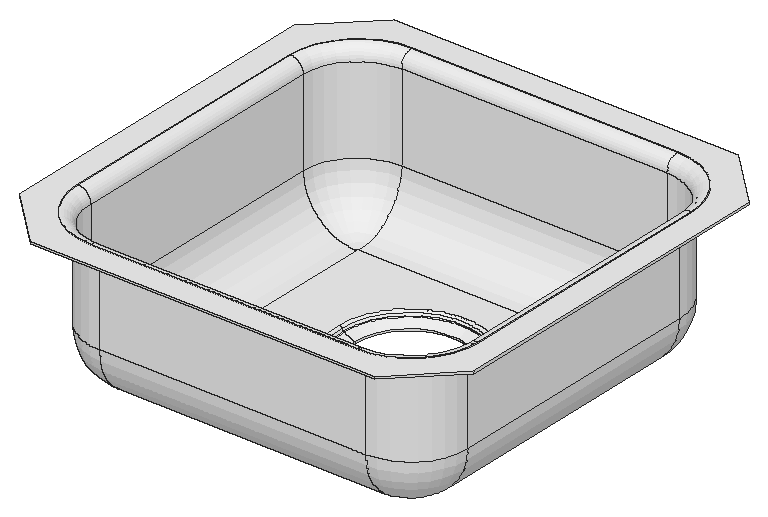
Revit family "ELUHAD121250", category Plumbing Fixtures, Revit 2019
Family settings
  Round Connector Dimension = Use Radius
  Part Type = Normal
  OmniClass Number = 23.45.05.14.14.27
  OmniClass Title = Service Sinks
  Work Plane-Based = No
  Always vertical = Yes
  Cut with Voids When Loaded = No
  Shared = No
  Room Calculation Point = No
Parameters (values of type "ELUHAD121250")
  URL = "www.elkayusa.com"
  Template Included = "Yes"
  Specification Sheet URL = ""
  Sound Deadening = "Bottom only pads"
  Sink Width = 1' - 2 1/2"
  Sink Material = Metal - Steel - Stainless - Chrome
  Sink Length = 1' - 2 1/2"
  Sink Ledge Sides Width = Sink Ledge Corner Width  # 0' - 1 1/4"
  Sink Ledge Front Width = Sink Ledge Corner Width  # 0' - 1 1/4"
  Sink Ledge Corner Width = 0' - 1 1/4"  # constant formula
  Sink Ledge Back Width = Sink Ledge Corner Width  # 0' - 1 1/4"
  Sink Dimensions = "14-1/2 inch x 14-1/2 inch x 4-7/8 inch"
  Sink Depth = 0' - 4 7/8"
  Sanitary Flow Rate = 10 GPM
  OmniClass Title = "Service Sinks"
  OmniClass Code = "23.45.05.14.14.27"
  Number of Bowls = "1"
  Nominal Radius = Nominal Dia / 2  # 0' - 0 3/4"
  Nominal Dia = 0' - 1 1/2"
  Mounting Hardware = "Undermount brackets sold separately"
  Model Number = ""
  Model = "Lustertone Undermount"
  Minimum Cabinet Size = "18 inch"
  Material = "304 Stainless Steel"
  MasterFormat Title = "Commercial Sinks"
  MasterFormat Number = "22.42.16.16"
  Manufacturer = "Elkay Manufacturing"
  Installation Type = "Undermount"
  Gauge = "18"
  Finish = "Lustrous Satin"
  Drain Size = "3-1/2 inch (89mm)"
  Drain Locations = "Rear Center"
  Drain Location = 0' - 5"
  Description = "Lustertone Single Bowl Sink"
  Deep Specification Sheet URL = ""
  Date Created = "10082021"  # constant formula
  Cutout Template # = "1000001423"
  CL Sink to CL Drain = 0' - 0"
  Bowl Width = (Sink Width - Sink Ledge Front Width - Sink Ledge Back Width)  # 1' - 0"
  Bowl Length = Sink Length - Sink Ledge Sides Width - Sink Ledge Sides Width  # 1' - 0"
  Bowl 1 Dimensions = "12 inch x 12 inch x 4-7/8 inch"
  Assembly Code = "D2010410"
Reference planes (in)
  plane 1 "CL Sink Hole": y = 1
  plane 2 "Top": z = 0
  plane 3 "Center (Left/Right)": x = 0
  plane 4 "Basin Edge Left": x = -6
  plane 5 "Basin Edge Right": x = 6
  plane 6 "Basin Edge Back": y = 6
  plane 7 "Basin Edge Front": y = -6
  plane 8 "Left": x = -7.25
  plane 9 "Right": x = 7.25
  plane 10 "Back": y = 7.25
  plane 11 "Front": y = -7.25
  plane 12 "Sink Angle Right": x = 4.78553
  plane 13 "Sink Angle Back": y = 4.78553
  plane 14 "Sink Angle Left": x = -4.78553
  plane 15 "Sink Angle Front": y = -4.78553
  plane 16 "Edge Radii Right": x = 6.42188
  plane 17 "Edge of Radii Left": x = -6.42187
  plane 18 "Sink Bowl Bottom (Top Face)": z = -4.875
  plane 19 "Sink Top Piece Bottom Face": z = -0.0625
  plane 20 "Top Radius Corner Prot": z = -0.42188
  plane 21: z = -3.1875
  plane 22 "Sink Bowl Bottom (Bottom Face)": z = -4.9375
  plane 23 "Left Sink Bottom Piece Left Edge": x = -4.3125
  plane 24 "Sink Bottom Piece Right Edge": x = 4.3125
  plane 25 "Sink Bottom Piece Back Edge": y = 4.3125
  plane 26 "Sink Bottom Piece Front Edge": y = -4.3125
  plane 27 "Center (Front/Back)": y = 0
  plane 28 "Bowl CL Drain": x = 0
  plane 29 "Edge Radii Front": y = -6.42188
  plane 30 "Right Sink Right Edge Radius": x = 4.25
  plane 31 "Front Edge Bottom Edge Radius": y = -4.25
  plane 32 "Back Edge Bottom Edge Radius": y = 4.25
  plane 33 "Edge Radii Back": y = 6.42187
  plane 34 "Left Bowl Bottom Edge Radius": x = -4.25
  plane 35 "Masking Region": z = 1.25157
  plane 36 "Sink Drain Elev Bottom": z = -6.375
  plane 37 "Sink Drain Elev Top": z = -6.125
  plane 38 "Top Radius Elev - 1-8": z = -0.10938
  plane 39 "Top Radius 1-8 Front": y = -6.10938
  plane 40 "Top Radius 1-8 Left": x = -6.10937
  plane 41 "Top Radius 1-8 Right": x = 6.10938
  plane 42 "Top Radius 1-8 Back": y = 6.10937
  plane 43 "Inside Radius Tangent Right": x = 4.97487
  plane 44 "Inside Radius Tangent Back": y = 4.97487
  plane 45 "Inside Radius Tangent Front": y = -4.97487
  plane 46 "Inside Radius Tangent Left": x = -4.97487
Forms (in)
  Extrusion 1, solid, material "Metal - Steel - Stainless - Chrome" <- "Sink Material"
    sketch origin (0, 0, 0) x (1, 0, 0) y (0, 1, 0)
      loop
        line (7.25, 5.49264) -> (5.49264, 7.25) -> (-5.49264, 7.25) -> (-7.25, 5.49264) -> (-7.25, -5.49264) -> (-5.49264, -7.25) -> (5.49264, -7.25) -> (7.25, -5.49264) -> (7.25, 5.49264)
      loop
        arc (-4.25, 6.42187) -> (-5.78575, 5.78575) -> (-6.42187, 4.25) r 2.17187
        line (-6.42187, 4.25) -> (-6.42188, -4.25)
        arc (-6.42188, -4.25) -> (-5.78575, -5.78575) -> (-4.25, -6.42188) r 2.17188
        line (-4.25, -6.42188) -> (4.25, -6.42188)
        arc (4.25, -6.42188) -> (5.78575, -5.78575) -> (6.42188, -4.25) r 2.17188
        line (6.42188, -4.25) -> (6.42188, 4.25)
        arc (6.42188, 4.25) -> (5.78575, 5.78575) -> (4.25, 6.42187) r 2.17188
        line (4.25, 6.42187) -> (-4.25, 6.42187)
    from -0.0625 to 0
  Extrusion 2, solid, material "Metal - Steel - Stainless - Chrome" <- "Sink Material"
    sketch origin (0, 0, 0) x (1, 0, 0) y (0, 1, 0)
      loop
        arc (-4.25, 4.3125) -> (-4.29419, 4.29419) -> (-4.3125, 4.25) r 0.0625
        line (-4.3125, 4.25) -> (-4.3125, -4.25)
        arc (-4.3125, -4.25) -> (-4.29419, -4.29419) -> (-4.25, -4.3125) r 0.0625
        line (-4.25, -4.3125) -> (4.25, -4.3125)
        arc (4.25, -4.3125) -> (4.29419, -4.29419) -> (4.3125, -4.25) r 0.0625
        line (4.3125, -4.25) -> (4.3125, 4.25)
        arc (4.3125, 4.25) -> (4.29419, 4.29419) -> (4.25, 4.3125) r 0.0625
        line (4.25, 4.3125) -> (-4.25, 4.3125)
      loop
        circle (0, 1) r 2.25
    from -4.9375 to -4.875
  Sweep 3, solid, material "Metal - Steel - Stainless - Chrome" <- "Sink Material"
    path origin (14.75, 0, -4.875) x (-1, 0, 0) y (0, -1, 0)
      loop
        circle (14.75, -1) r 2.25
    profile "profile-elkay-sink-hole-3 : profile-elkay-sink-hole-3" origin (0, -1.25, -4.875) x (0, 1, 0) y (0, 0, 1)
      loop
        line (0.5, -0.29111) -> (0.15646, -0.13437)
        arc (0.15646, -0.13437) -> (0.14249, -0.12559) -> (0.13131, -0.11346) r 0.0625
        line (0.13131, -0.11346) -> (0.08817, -0.05226)
        arc (0.08817, -0.05226) -> (0.05064, -0.01507) -> (0, 0) r 0.1086
        line (0, 0) -> (0, -0.04618)
        arc (0, -0.04618) -> (0.02621, -0.05419) -> (0.04646, -0.07265) r 0.0625
        line (0.04646, -0.07265) -> (0.09341, -0.13969)
        arc (0.09341, -0.13969) -> (0.11294, -0.16097) -> (0.13739, -0.17634) r 0.1086
        line (0.13739, -0.17634) -> (0.5, -0.34178) -> (0.5, -0.29111)
  Sweep 4, solid, material "Metal - Steel - Stainless - Chrome" <- "Sink Material"
    path origin (0, 0, 0) x (1, 0, 0) y (0, 1, 0)
      loop
        line (-4.25, -6) -> (4.25, -6)
        arc (4.25, -6) -> (5.48744, -5.48744) -> (6, -4.25) r 1.75
        line (6, -4.25) -> (6, 4.25)
        arc (6, 4.25) -> (5.48744, 5.48744) -> (4.25, 6) r 1.75
        line (4.25, 6) -> (-4.25, 6)
        arc (-4.25, 6) -> (-5.48744, 5.48744) -> (-6, 4.25) r 1.75
        line (-6, 4.25) -> (-6, -4.25)
        arc (-6, -4.25) -> (-5.48744, -5.48744) -> (-4.25, -6) r 1.75
    profile origin (0, -6, 0) x (0, 1, 0) y (0, 0, 1)
      loop
        arc (0, -0.42187) -> (-0.12356, -0.12356) -> (-0.42187, 0) r 0.42188
        line (-0.42187, 0) -> (-0.42187, -0.0625)
        arc (-0.42187, -0.0625) -> (-0.16776, -0.16776) -> (-0.0625, -0.42187) r 0.35938
        line (-0.0625, -0.42187) -> (-0.0625, -3.1875)
        arc (-0.0625, -3.1875) -> (0.45006, -4.42494) -> (1.6875, -4.9375) r 1.75
        line (1.6875, -4.9375) -> (1.6875, -4.875)
        arc (1.6875, -4.875) -> (0.49426, -4.38074) -> (0, -3.1875) r 1.6875
        line (0, -3.1875) -> (0, -0.42187)
  Extrusion 5, solid, material "Glass", not visible
    sketch origin (0, 0, -6.125) x (0, -1, 0) y (1, 0, 0)
      loop
        circle (-1, 0) r 0.75
    from -0.25 to 0
Cuts and joins
  joined: Extrusion 2, Sweep 3, Sweep 4
Lines and regions (in)
  Masking region 1
    outline origin (0, 0, 0) x (1, 0, 0) y (0, 1, 0)
      loop
        line (-6.42187, 4.25) -> (-6.42188, -4.25)
        arc (-6.42188, -4.25) -> (-5.78575, -5.78575) -> (-4.25, -6.42188) r 2.17188
        line (-4.25, -6.42188) -> (4.25, -6.42188)
        arc (4.25, -6.42188) -> (5.78575, -5.78575) -> (6.42188, -4.25) r 2.17188
        line (6.42188, -4.25) -> (6.42188, 4.25)
        arc (6.42188, 4.25) -> (5.78575, 5.78575) -> (4.25, 6.42187) r 2.17188
        line (4.25, 6.42187) -> (-4.25, 6.42187)
        arc (-4.25, 6.42187) -> (-5.78575, 5.78575) -> (-6.42187, 4.25) r 2.17187
  reference lines, not visible
    curve 1: arc (-0.625, 1, -3.1875) -> (-1.11926, 1, -4.38074) -> (-2.3125, 1, -4.875) r 1.6875
    curve 2: arc (-6, 1, -3.1875) -> (-5.50574, 1, -4.38074) -> (-4.3125, 1, -4.875) r 1.6875
    curve 3: arc (-0.625, 1, -0.42188) -> (-0.50144, 1, -0.12356) -> (-0.20313, 1, 0) r 0.42188
    curve 4: arc (0, -4.3125, -4.875) -> (0, -5.50574, -4.38074) -> (0, -6, -3.1875) r 1.6875
    curve 5: arc (0, -6, -0.42188) -> (0, -6.12356, -0.12356) -> (0, -6.42188, 0) r 0.42188
    curve 6: arc (4.3125, 4.25, 0) -> (4.29419, 4.29419, 0) -> (4.25, 4.3125, 0) r 0.0625
    curve 7: arc (4.3125, -4.25, 0) -> (4.29419, -4.29419, 0) -> (4.25, -4.3125, 0) r 0.0625
    curve 8: arc (6, 4.25, 1.25157) -> (5.48744, 5.48744, 1.25157) -> (4.25, 6, 1.25157) r 1.75
    curve 9: arc (6, -4.25, 1.25157) -> (5.48744, -5.48744, 1.25157) -> (4.25, -6, 1.25157) r 1.75
    curve 12: arc (-4.25, -4.3125, 0) -> (-4.29419, -4.29419, 0) -> (-4.3125, -4.25, 0) r 0.0625
    curve 13: arc (-4.25, 4.3125, 0) -> (-4.29419, 4.29419, 0) -> (-4.3125, 4.25, 0) r 0.0625
    curve 16: arc (-5.442, 5.53126, 1.25157) -> (-5.85445, 4.94875, 1.25157) -> (-6, 4.25, 1.25157) r 1.75
    curve 17: arc (-6, -4.25, 1.25157) -> (-5.48744, -5.48744, 1.25157) -> (-4.25, -6, 1.25157) r 1.75
    curve 18: circle (0, 1, -6.375) r 0.75 normal (0, 0, 1)
    curve 20: circle (0, 1, -4.875) r 1.75 normal (0, 0, 1)
    curve 29: arc (-4.25, 7.125, 1.25157) -> (-6.28293, 6.28293, 1.25157) -> (-7.125, 4.25, 1.25157) r 2.875
    curve 30: arc (6.75, 4.25, 1.25157) -> (6.01777, 6.01777, 1.25157) -> (4.25, 6.75, 1.25157) r 2.5
    curve 31: line (-4.97487, 6, 0) -> (-6, 4.97487, 0)
    curve 32: line (4.97487, 6, 0) -> (6, 4.97487, 0)
    curve 33: line (5.09745, 7.64519, 0) -> (7.69376, 5.04888, 0)
    curve 34: line (6, -4.97487, 0) -> (4.97487, -6, 0)
    curve 35: line (7.66329, -5.07936, 0) -> (5.11612, -7.62652, 0)
    curve 36: line (-6, -4.97487, 0) -> (-4.97487, -6, 0)
    curve 37: line (-7.84102, -4.90163, 0) -> (-5.39647, -7.34617, 0)
    curve 38: line (-5.04997, 7.69267, 0) -> (-7.65098, 5.09166, 0)
  reference lines
    curve 10: arc (6.42188, 4.25, 0) -> (5.78575, 5.78575, 0) -> (4.25, 6.42187, 0) r 2.17188
    curve 11: arc (-4.25, -6.42188, 0) -> (-5.78575, -5.78575, 0) -> (-6.42188, -4.25, 0) r 2.17188
    curve 14: arc (-4.25, 6.42187, 0) -> (-5.78575, 5.78575, 0) -> (-6.42187, 4.25, 0) r 2.17187
    curve 15: arc (6.42188, -4.25, 0) -> (5.78575, -5.78575, 0) -> (4.25, -6.42188, 0) r 2.17188
    curve 19: circle (0, 1, -4.875) r 2.25 normal (0, 0, 1)
    curve 21: circle (0, 1, -4.875) r 2.25 normal (0, 0, 1)
    curve 24: arc (0, -6, -0.10938) -> (0, -6.03204, -0.03204) -> (0, -6.10938, 0) r 0.10938
    curve 25: arc (6.10938, 4.25, 0) -> (5.56478, 5.56478, 0) -> (4.25, 6.10937, 0) r 1.85938
    curve 26: arc (-4.25, 6.10937, 0) -> (-5.56478, 5.56478, 0) -> (-6.10937, 4.25, 0) r 1.85938
    curve 27: arc (-4.25, -6.10938, 0) -> (-5.56478, -5.56478, 0) -> (-6.10938, -4.25, 0) r 1.85938
    curve 28: arc (6.10938, -4.25, 0) -> (5.56478, -5.56478, 0) -> (4.25, -6.10938, 0) r 1.85938
  symbolic lines, style "Sinks"
    curve 22: circle (0, 1, -4.875) r 2.25 normal (0, 0, 1)
    curve 23: circle (0, 1, -4.875) r 1.75 normal (0, 0, 1)
    curve 39: line (-4.25, 6, 0) -> (4.25, 6, 0)
    curve 40: line (6, 4.25, 0) -> (6, -4.25, 0)
    curve 41: line (-4.25, -6, 0) -> (4.25, -6, 0)
    curve 42: line (-6, 4.25, 0) -> (-6, -4.25, 0)
    curve 43: arc (6, 4.25, 0) -> (5.48744, 5.48744, 0) -> (4.25, 6, 0) r 1.75
    curve 44: arc (-4.25, 6, 0) -> (-5.48744, 5.48744, 0) -> (-6, 4.25, 0) r 1.75
    curve 45: arc (-6, -4.25, 0) -> (-5.48744, -5.48744, 0) -> (-4.25, -6, 0) r 1.75
    curve 46: arc (6, -4.25, 0) -> (5.48744, -5.48744, 0) -> (4.25, -6, 0) r 1.75
Dimensions and locks (in)
  "Sink Ledge Sides Width": plane 8 "Left" to plane 4 "Basin Edge Left"
  "Sink Ledge Sides Width": plane 5 "Basin Edge Right" to plane 9 "Right"
  "Sink Length": plane 8 "Left" to plane 9 "Right"
  "Drain Location": plane 6 "Basin Edge Back" to plane 1 "CL Sink Hole"
  "Sink Ledge Back Width": plane 10 "Back" to plane 6 "Basin Edge Back"
  "Sink Ledge Front Width": plane 7 "Basin Edge Front" to plane 11 "Front"
  plane 12 "Sink Angle Right" to plane 9 "Right" = 0' - 2.46447"
  plane 10 "Back" to plane 13 "Sink Angle Back" = 0' - 2.46447"
  plane 8 "Left" to plane 14 "Sink Angle Left" = 0' - 2.46447"
  plane 15 "Sink Angle Front" to plane 11 "Front" = 0' - 2.46447"
  "Sink Width": plane 10 "Back" to plane 11 "Front"
  locked: plane 17 "Edge of Radii Left" to plane 4 "Basin Edge Left" at 0.42188
  locked: plane 26 "Sink Bottom Piece Front Edge" to plane 7 "Basin Edge Front" at 1.6875
  locked: plane 4 "Basin Edge Left" to plane 23 "Left Sink Bottom Piece Left Edge" at 1.6875
  locked: plane 24 "Sink Bottom Piece Right Edge" to plane 5 "Basin Edge Right" at 1.6875
  locked: plane 6 "Basin Edge Back" to plane 25 "Sink Bottom Piece Back Edge" at 1.6875
  locked: plane 5 "Basin Edge Right" to plane 16 "Edge Radii Right" at 0.42188
  equal spacing: plane 10 "Back", plane 27 "Center (Front/Back)", plane 11 "Front"
  equal spacing: plane 8 "Left", plane 3 "Center (Left/Right)", plane 9 "Right"
  "CL Sink to CL Drain": plane 3 "Center (Left/Right)" to plane 28 "Bowl CL Drain"
  locked: plane 30 "Right Sink Right Edge Radius" to plane 24 "Sink Bottom Piece Right Edge" at 0.0625
  locked: plane 31 "Front Edge Bottom Edge Radius" to plane 26 "Sink Bottom Piece Front Edge" at 0.0625
  locked: plane 25 "Sink Bottom Piece Back Edge" to plane 32 "Back Edge Bottom Edge Radius" at 0.0625
  locked: plane 33 "Edge Radii Back" to plane 6 "Basin Edge Back" at 0.42188
  locked: plane 7 "Basin Edge Front" to plane 29 "Edge Radii Front" at 0.42187
  locked: plane 23 "Left Sink Bottom Piece Left Edge" to plane 34 "Left Bowl Bottom Edge Radius" at 0.0625
  "Sink Depth": plane 2 "Top" to plane 18 "Sink Bowl Bottom (Top Face)"
  locked: plane 2 "Top" to plane 20 "Top Radius Corner Prot" at 0.42188
  locked: plane 2 "Top" to plane 19 "Sink Top Piece Bottom Face" at 0.0625
  locked: plane 21 to plane 18 "Sink Bowl Bottom (Top Face)" at 1.6875
  locked: plane 18 "Sink Bowl Bottom (Top Face)" to plane 22 "Sink Bowl Bottom (Bottom Face)" at 0.0625
  locked: plane 35 "Masking Region" to plane 2 "Top" at 1.25157
  locked: plane 18 "Sink Bowl Bottom (Top Face)" to plane 36 "Sink Drain Elev Bottom" at 1.5
  locked: plane 37 "Sink Drain Elev Top" to plane 36 "Sink Drain Elev Bottom" at 0.25
  locked: plane 39 "Top Radius 1-8 Front" to plane 7 "Basin Edge Front" at 0.10938
  locked: plane 2 "Top" to plane 38 "Top Radius Elev - 1-8" at 0.10938
  locked: plane 40 "Top Radius 1-8 Left" to plane 4 "Basin Edge Left" at 0.10938
  locked: plane 5 "Basin Edge Right" to plane 41 "Top Radius 1-8 Right" at 0.10938
  locked: plane 42 "Top Radius 1-8 Back" to plane 6 "Basin Edge Back" at 0.10938
  locked: plane 32 "Back Edge Bottom Edge Radius" to plane 44 "Inside Radius Tangent Back" at 0.72487
  locked: plane 30 "Right Sink Right Edge Radius" to plane 43 "Inside Radius Tangent Right" at 0.72487
  locked: plane 45 "Inside Radius Tangent Front" to plane 31 "Front Edge Bottom Edge Radius" at 0.72487
  locked: plane 46 "Inside Radius Tangent Left" to plane 34 "Left Bowl Bottom Edge Radius" at 0.72487
  "Sink Ledge Corner Width": curve 32 to curve 33
  "Sink Ledge Corner Width": curve 34 to curve 35
  "Sink Ledge Corner Width": curve 37 to curve 36
  "Sink Ledge Corner Width": curve 38 to curve 31
  "Nominal Radius": radius of curve 18
  aligned: Extrusion 1 to plane 19 "Sink Top Piece Bottom Face"
  aligned: Extrusion 2 to plane 18 "Sink Bowl Bottom (Top Face)"
  aligned and locked: Extrusion 2 to plane 22 "Sink Bowl Bottom (Bottom Face)"
  aligned and locked: plane 18 "Sink Bowl Bottom (Top Face)" to Extrusion 2
  aligned and locked: Extrusion 2 sketch curve to curve 7
  aligned and locked: Extrusion 2 sketch curve to curve 6
  aligned and locked: Sweep 4 sketch curve to curve 8
  aligned and locked: Sweep 4 sketch curve to curve 9
  aligned and locked: Sweep 4 sketch curve to curve 4
  aligned and locked: Extrusion 1 sketch curve to plane 9 "Right"
  aligned and locked: Extrusion 1 sketch curve to plane 10 "Back"
  aligned and locked: Extrusion 1 sketch curve to plane 8 "Left"
  aligned and locked: Extrusion 1 sketch curve to plane 11 "Front"
  aligned and locked: plane 2 "Top" to Extrusion 1
  aligned and locked: Extrusion 1 to plane 19 "Sink Top Piece Bottom Face"
  aligned and locked: Extrusion 5 sketch curve to curve 18
  aligned and locked: Extrusion 5 to plane 36 "Sink Drain Elev Bottom"
  aligned and locked: plane 37 "Sink Drain Elev Top" to Extrusion 5
  aligned and locked: Sweep 4 sketch curve to curve 16
  aligned and locked: Sweep 4 sketch curve to curve 17
  aligned and locked: Extrusion 2 sketch curve to curve 13
  aligned and locked: Extrusion 2 sketch curve to curve 12
  aligned and locked: Sweep 3 sketch curve to curve 19
  aligned and locked: Extrusion 2 sketch curve to curve 19
  aligned and locked: curve 22 to curve 21
  aligned and locked: curve 23 to curve 20
  aligned and locked: curve 33 to Extrusion 1 sketch curve
  aligned and locked: curve 35 to Extrusion 1 sketch curve
  aligned and locked: curve 37 to Extrusion 1 sketch curve
  aligned and locked: curve 38 to Extrusion 1 sketch curve
  aligned and locked: Masking region 1 sketch curve to curve 10
  aligned and locked: Masking region 1 sketch curve to curve 14
  aligned and locked: Masking region 1 sketch curve to curve 11
  aligned and locked: Masking region 1 sketch curve to curve 15
  aligned and locked: curve 43 to curve 8
  aligned and locked: curve 44 to curve 16
  aligned and locked: curve 45 to curve 17
  aligned and locked: curve 46 to curve 9
  aligned and locked: Sweep 4 sketch curve to curve 5
  aligned and locked: Sweep 4 sketch curve to plane 29 "Edge Radii Front"
  aligned and locked: Extrusion 1 sketch curve to curve 14
  aligned and locked: Extrusion 1 sketch curve to curve 11
  aligned and locked: Extrusion 1 sketch curve to curve 15
  aligned and locked: Extrusion 1 sketch curve to curve 10
Automatic sketch dimensions
  curve 2 to plane 4 "Basin Edge Left" = 0' - 0"
  curve 2 to plane 21 = 0' - 0"
  curve 2 to plane 23 "Left Sink Bottom Piece Left Edge" = 0' - 0"
  curve 1 to plane 18 "Sink Bowl Bottom (Top Face)" = 0' - 0"
  curve 3 to plane 20 "Top Radius Corner Prot" = 0' - 0"
  curve 1 to plane 21 = 0' - 0"
  plane 1 "CL Sink Hole" to curve 18 = 0' - 0"
  curve 18 to plane 28 "Bowl CL Drain" = 0' - 0"
  curve 3 to level = 0' - 0"
  curve 1 to plane 3 "Center (Left/Right)" = 0' - 2 5/16"
  curve 3 to plane 3 "Center (Left/Right)" = 0' - 0 5/8"
  curve 19 to curve 20 = 0' - 0"  (x2)
  curve 19 to curve 21 = 0' - 0"  (x2)
  curve 20 to curve 21 = 0' - 0"  (x2)
  plane 1 "CL Sink Hole" to curve 20 = 0' - 0"
  curve 20 to plane 28 "Bowl CL Drain" = 0' - 0"
  curve 8 to plane 5 "Basin Edge Right" = 0' - 0"
  curve 16 to plane 4 "Basin Edge Left" = 0' - 0"
  curve 17 to plane 4 "Basin Edge Left" = 0' - 0"
  curve 9 to plane 5 "Basin Edge Right" = 0' - 0"
  curve 5 to level = 0' - 0"
  curve 5 to plane 29 "Edge Radii Front" = 0' - 0"
  curve 24 to plane 38 "Top Radius Elev - 1-8" = 0' - 0"
  curve 24 to plane 39 "Top Radius 1-8 Front" = 0' - 0"
  curve 5 to plane 7 "Basin Edge Front" = 0' - 0"
  curve 4 to plane 7 "Basin Edge Front" = 0' - 0"
  curve 24 to plane 7 "Basin Edge Front" = 0' - 0"
  curve 4 to plane 21 = 0' - 0"
  curve 4 to plane 26 "Sink Bottom Piece Front Edge" = 0' - 0"
  Sweep 4 sketch curve to Sweep 4 sketch curve = 0' - 0"  (x2)
  curve 8 to curve 30 = 0' - 0"  (x4)
  plane 5 "Basin Edge Right" to curve 30 = 0' - 0 3/4"
  curve 6 to curve 10 = 0' - 0"  (x2)
  curve 6 to curve 25 = 0' - 0"  (x2)
  curve 7 to curve 15 = 0' - 0"  (x2)
  curve 7 to curve 28 = 0' - 0"  (x2)
  curve 10 to curve 25 = 0' - 0"  (x2)
  curve 11 to curve 12 = 0' - 0"  (x2)
  curve 11 to curve 27 = 0' - 0"  (x2)
  curve 12 to curve 27 = 0' - 0"  (x2)
  curve 13 to curve 14 = 0' - 0"  (x2)
  curve 13 to curve 26 = 0' - 0"  (x2)
  curve 14 to curve 26 = 0' - 0"  (x2)
  curve 15 to curve 28 = 0' - 0"  (x2)
  curve 14 to plane 17 "Edge of Radii Left" = 0' - 0"
  curve 11 to plane 17 "Edge of Radii Left" = 0' - 0"
  plane 32 "Back Edge Bottom Edge Radius" to curve 26 = 0' - 0"
  curve 26 to plane 40 "Top Radius 1-8 Left" = 0' - 0"
  plane 31 "Front Edge Bottom Edge Radius" to curve 27 = 0' - 0"
  curve 27 to plane 40 "Top Radius 1-8 Left" = 0' - 0"
  curve 31 to plane 4 "Basin Edge Left" = 0' - 0"
  curve 36 to plane 4 "Basin Edge Left" = 0' - 0"
  curve 31 to plane 6 "Basin Edge Back" = 0' - 0"
  curve 31 to plane 46 "Inside Radius Tangent Left" = 0' - 0"
  curve 36 to plane 7 "Basin Edge Front" = 0' - 0"
  curve 36 to plane 46 "Inside Radius Tangent Left" = 0' - 0"
  curve 12 to plane 23 "Left Sink Bottom Piece Left Edge" = 0' - 0"
  curve 13 to plane 23 "Left Sink Bottom Piece Left Edge" = 0' - 0"
  curve 13 to plane 34 "Left Bowl Bottom Edge Radius" = 0' - 0"
  curve 12 to plane 26 "Sink Bottom Piece Front Edge" = 0' - 0"
  curve 25 to plane 30 "Right Sink Right Edge Radius" = 0' - 0"
  curve 15 to plane 29 "Edge Radii Front" = 0' - 0"
  curve 15 to plane 30 "Right Sink Right Edge Radius" = 0' - 0"
  curve 7 to plane 24 "Sink Bottom Piece Right Edge" = 0' - 0"
  curve 6 to plane 24 "Sink Bottom Piece Right Edge" = 0' - 0"
  curve 34 to plane 7 "Basin Edge Front" = 0' - 0"
  curve 34 to plane 43 "Inside Radius Tangent Right" = 0' - 0"
  curve 32 to plane 6 "Basin Edge Back" = 0' - 0"
  curve 32 to plane 43 "Inside Radius Tangent Right" = 0' - 0"
  curve 34 to plane 5 "Basin Edge Right" = 0' - 0"
  curve 32 to plane 5 "Basin Edge Right" = 0' - 0"
  plane 32 "Back Edge Bottom Edge Radius" to curve 25 = 0' - 0"
  curve 25 to plane 41 "Top Radius 1-8 Right" = 0' - 0"
  plane 31 "Front Edge Bottom Edge Radius" to curve 28 = 0' - 0"
  curve 28 to plane 41 "Top Radius 1-8 Right" = 0' - 0"
  curve 10 to plane 16 "Edge Radii Right" = 0' - 0"
  plane 45 "Inside Radius Tangent Front" to curve 34 = 0' - 0"
  plane 45 "Inside Radius Tangent Front" to curve 36 = 0' - 0"
  curve 32 to plane 44 "Inside Radius Tangent Back" = 0' - 0"
  curve 31 to plane 44 "Inside Radius Tangent Back" = 0' - 0"
  plane 44 "Inside Radius Tangent Back" to curve 38 = 0' - 0.11679"
  curve 37 to plane 45 "Inside Radius Tangent Front" = 0' - 0.07325"
  curve 37 to plane 11 "Front" = 0' - 0.09617"
  curve 38 to plane 46 "Inside Radius Tangent Left" = 0' - 0.0751"
  curve 33 to plane 43 "Inside Radius Tangent Right" = 0' - 0.12257"
  curve 35 to plane 43 "Inside Radius Tangent Right" = 0' - 0.14124"
  plane 45 "Inside Radius Tangent Front" to curve 35 = 0' - 0.10448"
  plane 44 "Inside Radius Tangent Back" to curve 33 = 0' - 0.074"
  curve 16 to curve 29 = 0' - 0"  (x2)
  plane 32 "Back Edge Bottom Edge Radius" to curve 16 = 0' - 0"
  curve 16 to plane 34 "Left Bowl Bottom Edge Radius" = 0' - 0"
  curve 16 to plane 46 "Inside Radius Tangent Left" = 0' - 0.46713"
  plane 8 "Left" to curve 29 = 0' - 0 1/8"
  plane 31 "Front Edge Bottom Edge Radius" to curve 17 = 0' - 0"
  curve 17 to plane 34 "Left Bowl Bottom Edge Radius" = 0' - 0"
  curve 9 to plane 7 "Basin Edge Front" = 0' - 0"
  curve 9 to plane 30 "Right Sink Right Edge Radius" = 0' - 0"
  curve 8 to plane 6 "Basin Edge Back" = 0' - 0"
  curve 8 to plane 30 "Right Sink Right Edge Radius" = 0' - 0"
  profile plane to Sweep 4 sketch curve = 0' - 0 1/16"
  radius of curve 19 = 0' - 2 1/4"
  radius of curve 20 = 0' - 1 3/4"
  radius of curve 21 = 0' - 2 1/4"
Connectors (in)
  piping at (0, 1, -6.125), diameter 1.5, driven by "Nominal Radius", driven by "Sanitary Flow Rate"
    settings: on Extrusion 5, index 2, connector inside diameter 1 1/2", connector length 0' - 0", flow factor 0, pipe flow 10 GPM, pressure drop 0.00 psi, fitting loss kfactor 0, connector angle 0.00°, fixture units 0, engagement length 0' - 0", angle of deflection 0.00°, flow configuration 1, flow direction 2, fitting loss method 0, system type 16, joint type 0, gender type 0, connector reference index -1, connector utility 0, adjustable connector yes, is connector primary yes, connector description "Sink Drain Right"
